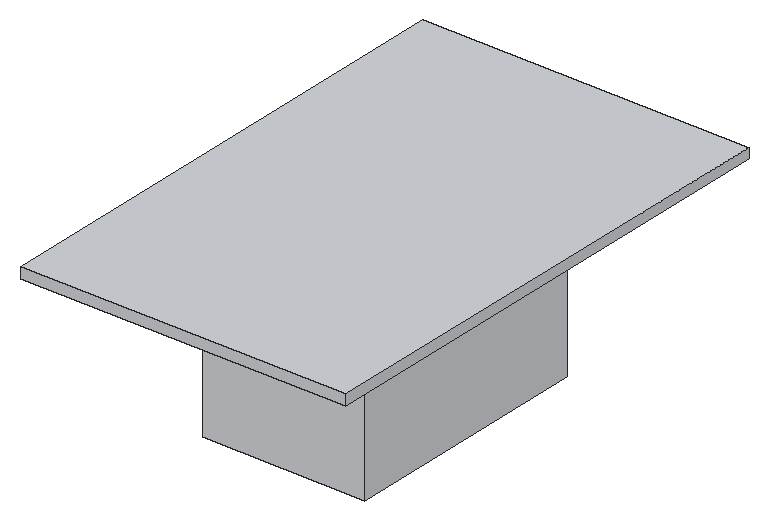
Revit family "7a53505db5304b44960cce655e4c7941", category Lighting Devices, host Face, Revit 2021
Family settings
  Host = Face
  Maintain Annotation Orientation = Yes
  Round Connector Dimension = Use Diameter
  Part Type = Switch
  OmniClass Number = 23.85.80.11.27
  OmniClass Title = Lighting Controls
  Seek Item ID = Wall Occupancy Sensor - Regular Voltage-0000-USA-ENU
  Cut with Voids When Loaded = No
  Shared = No
  Room Calculation Point = No
Parameters (values of type "Ultrasonic - 277 V")
  Width 1 = 2 * Sensor Width  # 0' - 3 67/128"
  Sensor Voltage = 277 V
  Sensor Number of Poles = 1
  Sensor Material = none
  Load Classification = Other
  Length 1 = 2 * Sensor Length  # 0' - 5 59/128"
  Height 1 = 1 / 16 * Sensor Height  # 0' - 0.11426"
  Default Elevation = 4' - 0"
  Sensor Width = 0' - 1 195/256"
  Cover Material = none
  Sensor Length = 0' - 2 187/256"
  Sensor Height = 0' - 1 53/64"
  Apparent Load = 0 VA
Types (7): name | Sensor Voltage
  (no name) | 277 V
  Passive Infrared - 120 V | 120 V
  Ultrasonic - 120 V | 120 V
  Dual Technology - 120 V | 120 V
  Passive Infrared - 277 V | 277 V
  Ultrasonic - 277 V | 277 V
  Dual Technology - 277 V | 277 V
Reference planes (in)
  plane 1 "Center (Front/Back)": y = 0
  plane 2: z = 0
  plane 3 "Center (Left/Right)": x = 0
  plane 4: x = -0.88086
  plane 5: x = 0.88086
  plane 6: x = -1.76172
  plane 7: x = 1.76172
  plane 8: z = -1.82813
  plane 9: z = 0.11426
  plane 10: y = -2.73047
  plane 11: y = -1.36523
  plane 12: y = -5.46094
  plane 13: y = -4.0957
Forms (in)
  Extrusion 1, solid, material <- "Sensor Material"
    sketch origin (0, 0, 0) x (1, 0, 0) y (0, 1, 0)
      loop
        line (-0.88086, -1.36523) -> (-0.88086, -4.0957) -> (0.88086, -4.0957) -> (0.88086, -1.36523) -> (-0.88086, -1.36523)
    from -1.82813 to 0
  Extrusion 2, solid, material <- "Cover Material"
    sketch origin (0, 0, 0) x (1, 0, 0) y (0, 1, 0)
      loop
        line (-1.76172, 0) -> (-1.76172, -5.46094) -> (1.76172, -5.46094) -> (1.76172, 0) -> (-1.76172, 0)
    from 0 to 0.11426
Lines and regions (in)
  symbolic lines, detail levels fine
    curve 1: line (-1.76172, 0, 0.11426) -> (1.76172, 0, 0.11426)
    curve 2: line (1.76172, 0, 0.11426) -> (1.76172, 0, 0)
    curve 3: line (1.76172, 0, 0) -> (-1.76172, 0, 0)
    curve 4: line (-1.76172, 0, 0) -> (-1.76172, 0, 0.11426)
    curve 5: line (-0.88086, 0, 0) -> (-0.88086, 0, -1.82813)
    curve 6: line (-0.88086, 0, -1.82813) -> (0.88086, 0, -1.82813)
    curve 7: line (0.88086, 0, -1.82813) -> (0.88086, 0, 0)
Dimensions and locks (in)
  "Sensor Width": plane 4 to plane 5
  equal spacing: plane 4, plane 3 "Center (Left/Right)", plane 5
  equal spacing: plane 6, plane 3 "Center (Left/Right)", plane 7
  "Width 1": plane 6 to plane 7
  "Sensor Height": plane 2 to plane 8
  "Height 1": plane 9 to plane 2
  "Length 1": plane 12 to plane 1 "Center (Front/Back)"
  equal spacing: plane 12, plane 10, plane 1 "Center (Front/Back)"
  equal spacing: plane 11, plane 10, plane 13
  "Sensor Length": plane 11 to plane 13
  aligned and locked: plane 2 to host face
  aligned and locked: level to host face
  aligned and locked: plane 4 to Extrusion 1 sketch curve  (x2)
  aligned and locked: plane 5 to Extrusion 1 sketch curve
  aligned and locked: plane 6 to Extrusion 2 sketch curve  (x2)
  aligned and locked: plane 7 to Extrusion 2 sketch curve
  aligned and locked: plane 8 to Extrusion 1
  aligned and locked: plane 2 to Extrusion 1
  aligned and locked: Extrusion 2 to plane 2
  aligned and locked: Extrusion 2 to plane 9
  aligned and locked: plane 9 to curve 1
  aligned and locked: plane 2 to curve 3
  aligned and locked: plane 7 to curve 3
  aligned and locked: plane 6 to curve 4
  aligned and locked: curve 5 to plane 4
  aligned and locked: curve 7 to plane 5
  aligned and locked: plane 8 to curve 6
  aligned and locked: Extrusion 2 to plane 1 "Center (Front/Back)"
  aligned and locked: Extrusion 2 to plane 12
  aligned and locked: Extrusion 2 to plane 7
  aligned and locked: Extrusion 2 to plane 6
  aligned and locked: plane 1 "Center (Front/Back)" to Extrusion 2 sketch curve
  aligned and locked: plane 12 to Extrusion 2 sketch curve
  aligned and locked: Extrusion 1 sketch curve to plane 11
  aligned and locked: Extrusion 1 sketch curve to plane 13
  aligned and locked: nested 1 to plane 10
  aligned and locked: plane 3 "Center (Left/Right)" to nested 1
Automatic sketch dimensions
  host sketch curve to host sketch curve = 8' - 0"  (x2)
Nested families (in)
  nested 1: "Wall Occupancy Sensor Annotation" at (0, -2.73047, 0), type "Wall Occupancy Sensor Annotation", detail levels coarse+medium
Connectors (in)
  electrical at (0, -2.73047, 0), driven by "Apparent Load", driven by "Sensor Voltage", driven by "Sensor Number of Poles", driven by "Load Classification"
    settings: on Extrusion 1, index 1, voltage 277 V, apparent load 0 VA, apparent load phase1 0 VA, apparent load phase2 0 VA, apparent load phase3 0 VA, power factor 1, load classification "Other", number of poles 1, system type 31, power factor state 1, is connector primary yes, connector utility no, sub classification motor no, connector description ""
  electrical at (0, -2.73047, -1.82813)
    settings: on Extrusion 1, index 2, voltage 0 V, apparent load 0 VA, apparent load phase1 0 VA, apparent load phase2 0 VA, apparent load phase3 0 VA, power factor 1, load classification "Other", number of poles 1, system type 13, power factor state 1, is connector primary no, connector utility no, sub classification motor no, connector description ""
Definition of nested family "Wall Occupancy Sensor Annotation"
  Parameters
    Label = "T"
  Reference planes (in)
    plane 1: y = 0
    plane 2: x = 0
  Lines and regions (in)
    detail lines
      curve 1: line (0, 0.125, 0) -> (0, 0, 0)
      curve 3: arc (0.01506, 0.11153, 0) -> (-0.02442, 0.09683, 0) -> (0, 0.0625, 0) r 0.02655
      curve 4: arc (0, 0.0625, 0) -> (0.01543, 0.02147, 0) -> (-0.02827, 0.02483, 0) r 0.02599
    reference lines
      curve 2: line (0, 0.0625, 0) -> (-0.11983, 0.0625, 0)
      curve 5: line (0.10095, -0.04722, 0) -> (0.10095, 0.09386, 0)
      curve 6: line (0.10095, -0.04722, 0) -> (0.28349, -0.04722, 0)
      curve 7: line (0.10095, 0.04579, 0) -> (0.31014, 0.04579, 0)
  Text (in)
    label "2" at (0.06269, -0.00499, 0), shows "Label"
  Dimensions and locks (in)
    locked: curve 6 to curve 7 at 0.09301
    locked: curve 1 to curve 5 at 0.10095
    locked: curve 1 to curve 1 at 0.125
    locked: plane 1 to curve 2 at 0.0625
    aligned and locked: curve 1 to curve 2
    aligned and locked: curve 3 to curve 2
    aligned and locked: curve 4 to curve 2
    aligned and locked: plane 1 to curve 1
    aligned and locked: curve 1 to plane 2
    aligned and locked: plane 2 to curve 1
